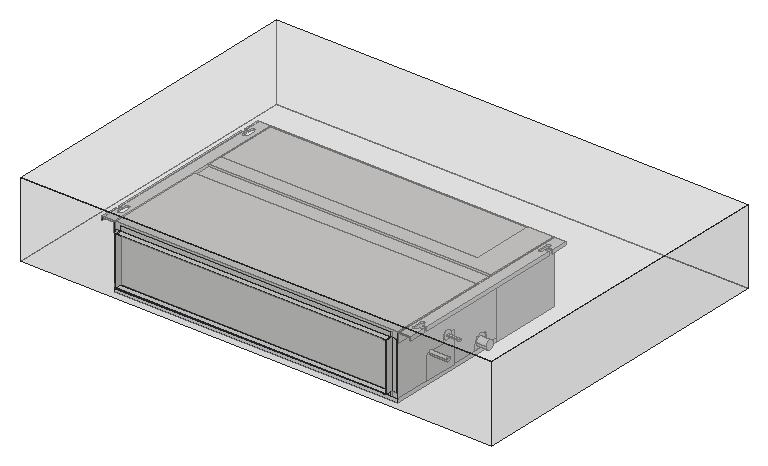
Revit family "outputfile", category 機械設備, Revit 2024
Family settings
  丸型コネクタ寸法 = 半径を使用
  パーツ タイプ = 標準
  OmniClass 番号 = 23.75.10.24.21.27.27
  OmniClass タイトル = Split System Air Conditioning Units
  作業面ベース = いいえ
  常に垂直 = はい
  ロード時にボイドで切り取り = いいえ
  注釈の向きを維持 = いいえ
  共有 = いいえ
  部屋計算ポイント = はい
Parameters (values of type "FXDQ50NDVET")
  Description = ""
  製造元 = "Daikin"
  書き出し IFC クラス(タイプ) = "IfcUnitaryEquipmentType"
  定義済み IFC タイプ(タイプ) = "AIRCONDITIONINGUNIT"
  Cost = 0
  モデル = "FXDQ50NDVET"
  Type Comments = ""
  Keynote = ""
  Type Image = (empty or 0)
  Assembly Code = ""
  w_pipe = 33.0 mm
  r_Liquid Pipe Size = Liquid Pipe Size / 2  # 3.2 mm
  r_Gas Pipe Size = Gas Pipe Size / 2  # 6.35 mm
  r_Drain Pipe Size = Drain Pipe Size / 2  # 10.0 mm
  lw_powersupply = 404.0 mm
  lw_ductflange2 = 820.0 mm
  lw_Width = 860.0 mm
  lh_suctionflange [instance] = if(Rear Connection_Return Air, 100.0 mm + [h***], 190.0 mm + [h***])  # 100.0 mm
  ld_suctionflange [instance] = if(Rear Connection_Return Air, 190.0 mm, 100.0 mm)  # 190.0 mm
  ld_powersupply = 60.0 mm
  angle_vertical_RA [instance] = if(Rear Connection_Return Air, 90.00°, 0.00°)  # 90.00°
  angle horizontal_RA [instance] = if(Rear Connection_Return Air, 180.00°, 270.00°)  # 180.00°
  Voltage_comment_60Hz = "220"
  Voltage_comment_50Hz = "220-240"
  Voltage_60Hz = 220 V
  Voltage_50Hz = 220 V
  URL = ""
  Supply Air Direction [instance] = yes
  Sound Power Level_H speed (dB) = 58
  Rear Connection_Return Air [instance] = not(Bottom Connection_Return Air)  # yes
  RA_length = 190.0 mm  # constant formula
  Phase_60Hz = 1
  Phase_50Hz = 1
  Minimum External Static Pressure = 15.00 Pa
  Minimum Circuit Amps_60Hz = 1.3 A
  Minimum Circuit Amps_50Hz = 1.0 A
  Maximum Fuse Amps_60Hz = 16.0 A
  Maximum Fuse Amps_50Hz = 16.0 A
  Maximum External Static Pressure = 44.00 Pa
  Material_Casing = DAIKIN_GalvanizedSteel_Casing_indoorunit
  lw_liquidpipe = 46.0 mm  # constant formula
  lw_gaspipe = 57.0 mm  # constant formula
  lw_mountinghole_pitch = 940.0 mm
  lw_mountinghole = 20.0 mm  # constant formula
  lw_drainpipe = 33.0 mm  # constant formula
  lh_powersupply = 10.0 mm
  lh_liquidpipe = 110.0 mm
  lh_gaspipe = 87.0 mm
  lh_mountinghole = Height + [h***]  # 200.0 mm
  lh_drainpipe = 150.0 mm
  lh_antena = 1.0 mm  # constant formula
  ld_liquidpipe = 193.0 mm  # constant formula
  ld_gaspipe = 130.0 mm  # constant formula
  ld_mountinghole_pitch = 0.0 mm  # constant formula
  ld_drainpipe = 280.0 mm
  ld_controlbox = 626.0 mm  # constant formula
  h*** = 0.0 mm  # constant formula
  d_dischargeflange = 21.2 mm  # constant formula
  Width = 900.0 mm
  Version = "ver.1.0"
  Unit Type = "Slim Duct (Standard) Type"
  Unit Mass Weight = 28.00 kg
  Unit Designation [instance] = ""
  Uniclass2015Version = "Products v1.30"
  Uniclass2015Title = "Variable refrigerant flow units"
  Uniclass2015Code = "Pr_70_65_03_94"
  Total Heating Capacity [instance] = 0.000 kW
  Total Cooling Capacity [instance] = 0.000 kW
  Sound Pressure Level_M speed (dBA) = 0
  Sound Pressure Level_L speed (dBA) = 27
  Sound Pressure Level_H speed (dBA) = 33
  Series = "VRV Fan Coil Unit"
  Sensible Cooling Capacity [instance] = 0.000 kW
  SA Duct Size Width = 860.0 mm
  SA Duct Size Height = 153.0 mm
  Refrigerant Type = "R410A"
  RA Duct Size Width = 800.0 mm
  RA Duct Size Height = 180.0 mm
  Power Input (Heating) = 0.152 kW
  Power Input (Cooling) = 0.152 kW
  Option Accessory 3 [instance] = ""
  Option Accessory 2 [instance] = ""
  Option Accessory 1 [instance] = ""
  Nominal Heating Capacity = 6.300 kW
  Nominal Cooling Capacity = 5.600 kW
  Minimum Airflow = 600.00 m³/h
  Median Airflow = 660.00 m³/h
  Maximum Airflow = 750.00 m³/h
  Load Classification = HVAC
  Liquid Pipe Size = 6.4 mm
  Link_Nested Family [instance] = ""
  IfcVersion = "0"
  IfcExportType = "AIRCONDITIONINGUNIT"
  IfcExportAs = "IfcUnitaryEquipmentType"
  Height = 200.0 mm
  Heating Entering Wet Bulb Temperature [instance] = 0.00 °C
  Heating Entering Dry Bulb Temperature [instance] = 0.00 °C
  Heating Ambient Wet Bulb Temperature [instance] = 0.00 °C
  Heating Ambient Dry Bulb Temperature [instance] = 0.00 °C
  Heat Exchanger Type = "Cross Fin Coil"
  Gas Pipe Size = 12.7 mm
  Frequency_60Hz = 60 Hz
  Frequency_50Hz = 50 Hz
  Fan Type = "Sirocco Fan"
  Fan Drive = "Direct Drive"
  FCU Tag No. [instance] = ""
  Drain Pipe Size = 20.0 mm
  Design Supply Airflow [instance] = 0.00 m³/h
  Design Return Airflow [instance] = 0.00 m³/h
  Design External Static Pressure [instance] = 0.00 Pa
  Depth = 620.0 mm
  既定の高さ = 0.0 mm
  Cooling Entering Wet Bulb Temperature [instance] = 0.00 °C
  Cooling Entering Dry Bulb Temperature [instance] = 0.00 °C
  Cooling Ambient Wet Bulb Temperature [instance] = 0.00 °C
  Cooling Ambient Dry Bulb Temperature [instance] = 0.00 °C
  Clearance visibility [instance] = yes
  Clearance Top = 20.0 mm
  Clearance Right = 300.0 mm
  Clearance Rear = 400.0 mm
  Clearance Left = 300.0 mm
  Clearance Front = 0.0 mm
  Clearance Bottom = 20.0 mm
  Bottom Connection_Return Air [instance] = no
Reference planes
  plane 1 "Center (Front/Back)": y = 0
  plane 2: z = 0
  plane 3 "Center (Left/Right)": x = 0
  plane 4 "Back": y = 310
  plane 5 "Front": y = -310
  plane 6 "Left": x = -450
  plane 7 "Right": x = 450
  plane 8 "Top": z = 0
  plane 9 "Bottom": z = -200
  plane 10: x = 330
  plane 11: x = -330
  plane 12: z = -190
  plane 13: z = -6
  plane 14: z = -22
  plane 15: z = -90
  plane 16: z = -113
  plane 17: x = -304
  plane 18: x = 304
  plane 19: x = -470
  plane 20: x = 470
  plane 21: y = 250
  plane 22: y = 250
  plane 23: x = -490
  plane 24: x = 390
  plane 25: x = 496
  plane 26: x = 507
  plane 27: x = 483
  plane 28: z = 0
  plane 29: z = -50
  plane 30 "Clearance Left": x = -750
  plane 31 "Clearance Right": x = 750
  plane 32 "Clearance Rear": y = 710
  plane 33 "Clearance Front": y = -310
  plane 34 "Clearance Top": z = 20
  plane 35 "Clearance Bottom": z = -220
  plane 36: z = -21
  plane 37: z = -170
  plane 38: z = -96.5
  plane 39: x = -40
  plane 40: y = -180
  plane 41: y = -117
  plane 42: y = -30
  plane 43: y = 20
  plane 44: z = -97.5
  plane 45: y = -309
  plane 46: x = -449
  plane 47: z = -100
  plane 48: z = -30
  plane 49: y = 210
  plane 50: z = 301
  plane 51: z = -199
  plane 52: y = 120
  plane 53: z = -101
  plane 54: x = 480
  plane 55: x = 445
  plane 56: x = 455
  plane 57: x = 451
  plane 58: x = 369
  plane 59: x = 449.004
  plane 60: x = -449
  plane 61: x = 404
  plane 62: z = -189
  plane 63: z = 102.5
Forms (mm)
  Extrusion 1, solid
    sketch origin (0, 0, 0) x (1, 0, 0) y (0, 0, 1)
      loop
        line (-450, -190) -> (-450, -200) -> (450, -200) -> (450, -190) -> (-450, -190)
    from -84 to 310
  Extrusion 2, solid, material "DAIKIN_GalvanizedSteel_Casing_indoorunit" <- "Material_Casing"
    sketch origin (0, 0, 0) x (1, 0, 0) y (0, 1, 0)
      loop
        line (-450, -309) -> (450, -309) -> (450, 310) -> (-450, 310) -> (-450, -309)
    from -200 to 0
  Extrusion 3, void
    sketch origin (0, 0, 1) x (1, 0, 0) y (0, 1, 0)
      loop
        line (-450, 62.179) -> (-450, 4.179) -> (450, 4.179) -> (450, 62.179) -> (-450, 62.179)
    from -1 to -7
  Extrusion 4, void
    sketch origin (0, 0, 0) x (0, 1, 0) y (0, 0, 1)
      loop
        line (-5, -190) -> (45, -190) -> (45, -170)
        arc (45, -170) -> (20, -145) -> (-5, -170) r 25
        line (-5, -170) -> (-5, -190)
    from 450 to 445
  Revolve 5, solid, material "DAIKIN_GalvanizedSteel_Casing_indoorunit" <- "Material_Casing"
    sketch origin (0, 0, -113) x (0, -1, 0) y (1, 0, 0)
      loop
        line (173.65, 451) -> (180, 451) -> (180, 507) -> (173.65, 507) -> (173.65, 451)
      axis (180, 451) -> (180, 507)
    angle from 0 to 360
  Revolve 6, solid, material "DAIKIN_GalvanizedSteel_Casing_indoorunit" <- "Material_Casing"
    sketch origin (0, 0, -90) x (0, -1, 0) y (1, 0, 0)
      loop
        line (117, 451) -> (117, 496) -> (113.8, 496) -> (113.8, 451) -> (117, 451)
      axis (117, 496) -> (117, 451)
    angle from 0 to 360
  Extrusion 7, solid, material "DAIKIN_GalvanizedSteel_Casing_indoorunit" <- "Material_Casing"
    sketch origin (0, 0, 0) x (0, 1, 0) y (0, 0, 1)
      loop
        circle (-116, -90) r 12.7
    from 450 to 455
  Extrusion 8, solid, material "DAIKIN_GalvanizedSteel_Casing_indoorunit" <- "Material_Casing"
    sketch origin (0, 0, 0) x (0, 1, 0) y (0, 0, 1)
      loop
        circle (20, -170) r 13
    from 480 to 445
  Extrusion 9, solid, material "DAIKIN_GalvanizedSteel_Casing_indoorunit" <- "Material_Casing"
    sketch origin (0, 0, 0) x (1, 0, 0) y (0, 0, 1)
      loop
        line (-450, -190) -> (-450, -200) -> (450, -200) -> (450, -190) -> (-450, -190)
    from -84 to 310
  Extrusion 10, solid, material "DAIKIN_GalvanizedSteel_Casing_indoorunit" <- "Material_Casing", visible <- "Bottom Connection_Return Air"
    sketch origin (0, 0, 0) x (1, 0, 0) y (0, 0, 1)
      loop
        line (369, -200) -> (369, -1) -> (-449, -1) -> (-449, -200) -> (369, -200)
    from -310 to -309
  Extrusion 11, void
    sketch origin (0, 0, 0) x (1, 0, 0) y (0, 0, 1)
      loop
        line (369, 0) -> (-449, 0) -> (-449, -1) -> (369, -1) -> (369, 0)
    from -310 to -111
  Extrusion 12, solid, material "DAIKIN_GalvanizedSteel_Casing_indoorunit" <- "Material_Casing", visible <- "Rear Connection_Return Air"
    sketch origin (0, 0, 0) x (1, 0, 0) y (0, 1, 0)
      loop
        line (-449, 310) -> (-449, 111) -> (369, 111) -> (369, 310) -> (-449, 310)
    from -200 to -199
  Extrusion 13, solid, material "DAIKIN_GalvanizedSteel_Casing_indoorunit" <- "Material_Casing"
    sketch origin (0, 0, 0) x (0, 1, 0) y (0, 0, 1)
      loop
        line (-194, -113) -> (-194, -190) -> (-88.3, -190) -> (-88.3, -90) -> (-103.3, -90)
        arc (-103.3, -90) -> (-116, -102.7) -> (-128.7, -90) r 12.7
        line (-128.7, -90) -> (-128.7, -113) -> (-173.65, -113)
        arc (-173.65, -113) -> (-180, -119.35) -> (-186.35, -113) r 6.35
        line (-186.35, -113) -> (-194, -113)
    from 451 to 450
  Extrusion 14, solid, material "DAIKIN_GalvanizedSteel_Casing_indoorunit" <- "Material_Casing"
    sketch origin (0, 0, 0) x (0, 1, 0) y (0, 0, 1)
      loop
        line (84, -199) -> (310, -199) -> (310, -22) -> (91, -22) -> (84, -29) -> (84, -199)
    from 451 to 450
Cuts and joins
  Extrusion 3, Extrusion 4, Extrusion 11 cuts Extrusion 2
  Extrusion 4 cuts Extrusion 1
  Extrusion 11 cuts Extrusion 9
Dimensions and locks
  "lh_powersupply": plane 12 to plane 9 "Bottom"
  locked: plane 8 "Top" to plane 13 at 6
  "Height": plane 8 "Top" to plane 9 "Bottom"
  equal spacing: plane 17, plane 3 "Center (Left/Right)", plane 18, locked at 304 each
  locked: plane 17 to plane 18 at 608
  equal spacing: plane 19, plane 3 "Center (Left/Right)", plane 20
  "lw_mountinghole_pitch": plane 19 to plane 20
  locked: plane 14 to plane 9 "Bottom" at 178
  "lw_mountinghole": plane 23 to plane 19
  "lh_liquidpipe": plane 15 to plane 9 "Bottom"
  "lh_gaspipe": plane 16 to plane 9 "Bottom"
  "lh_mountinghole": plane 28 to plane 9 "Bottom"
  "ld_mountinghole_pitch": plane 22 to plane 21
  equal spacing: plane 6 "Left", plane 3 "Center (Left/Right)", plane 7 "Right"
  "Width": plane 6 "Left" to plane 7 "Right"
  "lh_drainpipe": plane 29 to plane 9 "Bottom"
  "Clearance Right": plane 7 "Right" to plane 31 "Clearance Right"
  "Clearance Left": plane 30 "Clearance Left" to plane 6 "Left"
  "lw_gaspipe": plane 7 "Right" to plane 26
  "lw_liquidpipe": plane 7 "Right" to plane 25
  "lw_drainpipe": plane 7 "Right" to plane 27
  "Clearance Rear": plane 32 "Clearance Rear" to plane 4 "Back"
  "Clearance Front": plane 5 "Front" to plane 33 "Clearance Front"
  "Clearance Top": plane 34 "Clearance Top" to plane 8 "Top"
  "Clearance Bottom": plane 9 "Bottom" to plane 35 "Clearance Bottom"
  "ld_powersupply": plane 4 "Back" to plane 22
  locked: plane 8 "Top" to plane 36 at 21
  locked: plane 8 "Top" to plane 37 at 170
  locked: plane 40 to plane 41 at 63
  locked: plane 38 to plane 9 "Bottom" at 103.5
  locked: plane 36 to plane 44 at 76.5
  "Depth": plane 4 "Back" to plane 5 "Front"
  equal spacing: plane 4 "Back", plane 1 "Center (Front/Back)", plane 5 "Front"
  locked: plane 45 to plane 5 "Front" at 1
  locked: plane 46 to plane 6 "Left" at 1
  Extrusion 10 sketch curve to Extrusion 10 sketch curve = 199.0 mm
  locked: plane 12 to plane 47 at 90
  plane 32 "Clearance Rear" to Extrusion 10 = 401.0 mm
  locked: plane 48 to plane 35 "Clearance Bottom" at 190
  plane 50 to plane 28 = 301.0 mm
  locked: plane 51 to plane 9 "Bottom" at 1
  "ld_suctionflange": plane 4 "Back" to plane 52
  locked: plane 53 to plane 9 "Bottom" at 99
  locked: plane 7 "Right" to plane 54 at 30
  locked: plane 55 to plane 7 "Right" at 5
  locked: plane 7 "Right" to plane 56 at 5
  locked: plane 7 "Right" to plane 57 at 1
  plane 7 "Right" to plane 58 = 81.0 mm
  locked: plane 7 "Right" to plane 59 at 0.996
  locked: plane 60 to plane 6 "Left" at 1
  "lw_powersupply": plane 3 "Center (Left/Right)" to plane 61
  "r_Gas Pipe Size": nested 6 to Revolve 5 sketch curve
  "r_Liquid Pipe Size": nested 5 to Revolve 6 sketch curve
  locked: plane 62 to plane 9 "Bottom" at 11
  aligned and locked: level to plane 2
  aligned and locked: Extrusion 2 to plane 9 "Bottom"
  aligned and locked: plane 8 "Top" to Extrusion 2
  aligned and locked: Revolve 5 sketch curve to Revolve 5 sketch curve
  aligned and locked: plane 15 to Extrusion 7 sketch curve
  aligned and locked: cut or joined group of Extrusion 1, Extrusion 4 to plane 9 "Bottom"
  aligned and locked: plane 25 to nested 5
  aligned and locked: nested 5 to plane 15
  aligned and locked: nested 1 to plane 22
  aligned and locked: plane 20 to nested 2
  aligned and locked: plane 19 to nested 3
  aligned and locked: plane 22 to nested 4
  aligned and locked: nested 4 to plane 22
  aligned and locked: plane 19 to nested 4
  aligned and locked: nested 10 to plane 12
  aligned and locked: Extrusion 9 to plane 5 "Front"
  aligned and locked: Extrusion 9 to plane 9 "Bottom"
  aligned and locked: nested 6 to plane 16
  aligned and locked: plane 40 to nested 6
  aligned and locked: plane 41 to nested 5
  aligned and locked: Extrusion 8 sketch curve to plane 43
  aligned and locked: plane 4 "Back" to Extrusion 11
  aligned and locked: plane 8 "Top" to Extrusion 3
  aligned and locked: Extrusion 10 to cut or joined group of Extrusion 2, Extrusion 3, Extrusion 4, Extrusion 11
  aligned and locked: plane 9 "Bottom" to Extrusion 12  (x2)
  aligned and locked: Extrusion 12 to plane 51
  aligned and locked: Extrusion 11 to level
  aligned and locked: plane 32 "Clearance Rear" to nested 13
  aligned and locked: plane 31 "Clearance Right" to nested 13
  aligned and locked: plane 30 "Clearance Left" to nested 13
  aligned and locked: nested 13 to plane 33 "Clearance Front"
  aligned and locked: nested 13 to plane 34 "Clearance Top"
  aligned and locked: nested 13 to plane 35 "Clearance Bottom"
  aligned and locked: plane 7 "Right" to Extrusion 13  (x2)
  aligned and locked: plane 4 "Back" to Extrusion 14
  aligned and locked: Extrusion 14 to plane 51
  aligned and locked: plane 7 "Right" to Extrusion 14  (x2)
  aligned and locked: Extrusion 13 to Revolve 5 sketch curve
  aligned and locked: Extrusion 3 to plane 13
  aligned and locked: plane 52 to nested 14
  aligned and locked: Extrusion 7 to plane 7 "Right"
  aligned and locked: plane 7 "Right" to cut or joined group of Extrusion 2, Extrusion 3, Extrusion 4, Extrusion 11  (x3)
  aligned and locked: cut or joined group of Extrusion 2, Extrusion 3, Extrusion 4, Extrusion 11 to plane 55
  aligned and locked: Extrusion 8 to plane 55
  aligned and locked: plane 54 to Extrusion 8
  aligned and locked: plane 56 to Extrusion 7
  aligned and locked: plane 57 to Extrusion 14
  aligned and locked: Extrusion 13 to plane 57
  aligned and locked: plane 26 to nested 6
  aligned and locked: plane 58 to Extrusion 11 sketch curve
  aligned and locked: Extrusion 10 sketch curve to plane 58
  aligned and locked: plane 3 "Center (Left/Right)" to nested 15
  aligned and locked: Extrusion 12 to plane 58
  aligned and locked: plane 6 "Left" to nested 11
  aligned and locked: plane 8 "Top" to nested 15
  aligned and locked: plane 4 "Back" to nested 15
  aligned and locked: cut or joined group of Extrusion 2, Extrusion 3, Extrusion 4, Extrusion 11 to plane 45
  aligned and locked: nested 10 to plane 61
  aligned and locked: plane 20 to nested 1
  aligned and locked: plane 43 to nested 7
  aligned and locked: nested 7 to plane 37
  aligned and locked: plane 54 to nested 7
  aligned and locked: nested 9 to plane 1 "Center (Front/Back)"
  aligned and locked: plane 3 "Center (Left/Right)" to nested 9
  aligned and locked: nested 16 to plane 62
  aligned and locked: plane 13 to nested 16
  aligned and locked: nested 11 to plane 51
  aligned and locked: nested 12 to plane 51
  aligned and locked: plane 44 to nested 8
  aligned and locked: plane 45 to nested 16
  aligned and locked: level to plane 8 "Top"
Automatic sketch dimensions
  Extrusion 1 sketch curve to plane 6 "Left" = 0.0 mm
  Extrusion 1 sketch curve to plane 7 "Right" = 0.0 mm
  Extrusion 1 sketch curve to plane 9 "Bottom" = 0.0 mm
  Extrusion 1 sketch curve to plane 12 = 0.0 mm
  Extrusion 2 sketch curve to plane 4 "Back" = 0.0 mm
  Extrusion 2 sketch curve to plane 6 "Left" = 0.0 mm
  Extrusion 2 sketch curve to plane 7 "Right" = 0.0 mm
  Extrusion 2 sketch curve to plane 45 = 0.0 mm
  Extrusion 3 sketch curve to plane 6 "Left" = 0.0 mm
  Extrusion 3 sketch curve to plane 7 "Right" = 0.0 mm
  Extrusion 3 sketch curve to plane 1 "Center (Front/Back)" = 4.179 mm
  plane 43 to Extrusion 3 sketch curve = 42.179 mm
  Extrusion 4 sketch curve to plane 37 = 0.0 mm
  Extrusion 4 sketch curve to plane 12 = 0.0 mm
  Extrusion 4 sketch curve to plane 43 = 0.0 mm
  plane 1 "Center (Front/Back)" to Extrusion 4 sketch curve = 5.0 mm
  plane 41 to Extrusion 7 sketch curve = 1.0 mm
  Extrusion 8 sketch curve to plane 37 = 0.0 mm
  Extrusion 9 sketch curve to plane 6 "Left" = 0.0 mm
  Extrusion 9 sketch curve to plane 7 "Right" = 0.0 mm
  Extrusion 9 sketch curve to plane 9 "Bottom" = 0.0 mm
  Extrusion 9 sketch curve to plane 12 = 0.0 mm
  plane 46 to Extrusion 10 sketch curve = 0.0 mm
  plane 46 to Extrusion 11 sketch curve = 0.0 mm
  Extrusion 11 sketch curve to plane 8 "Top" = 1.0 mm
  Extrusion 12 sketch curve to plane 46 = 0.0 mm
  Extrusion 12 sketch curve to plane 4 "Back" = 0.0 mm
  plane 18 to Extrusion 12 sketch curve = 65.0 mm
  plane 43 to Extrusion 12 sketch curve = 91.0 mm
  plane 35 "Clearance Bottom" to Extrusion 11 sketch curve = 220.0 mm
  Extrusion 10 sketch curve to plane 51 = 1.0 mm
  Extrusion 13 sketch curve to plane 12 = 0.0 mm
  Extrusion 13 sketch curve to plane 16 = 0.0 mm
  Extrusion 13 sketch curve to plane 40 = 0.0 mm
  Extrusion 13 sketch curve to plane 15 = 0.0 mm
  Extrusion 13 sketch curve to Extrusion 13 sketch curve = 6.35 mm
  Extrusion 13 sketch curve to Extrusion 13 sketch curve = 7.65 mm
  Extrusion 13 sketch curve to plane 41 = 11.7 mm
  plane 41 to Extrusion 13 sketch curve = 1.0 mm
  Extrusion 13 sketch curve to Extrusion 13 sketch curve = 27.7 mm
  Extrusion 14 sketch curve to plane 51 = 0.0 mm
  Extrusion 14 sketch curve to plane 14 = 0.0 mm
  plane 48 to Extrusion 14 sketch curve = 1.0 mm
  plane 43 to Extrusion 14 sketch curve = 64.0 mm
  Extrusion 14 sketch curve to Extrusion 14 sketch curve = 7.0 mm
  Extrusion 14 sketch curve to plane 4 "Back" = 0.0 mm
  Revolve 5 sketch curve to plane 26 = 0.0 mm
  Revolve 5 sketch curve to plane 40 = 0.0 mm
  Revolve 5 sketch curve to Revolve 5 sketch curve = 1.003 mm
  plane 26 to Revolve 5 sketch curve = 1.003 mm
  Revolve 6 sketch curve to plane 41 = 0.0 mm  (x2)
  Revolve 6 sketch curve to plane 25 = 0.0 mm  (x2)
  Revolve 6 sketch curve to plane 57 = 0.0 mm  (x2)
  radius of Extrusion 7 sketch curve = 12.7 mm
  radius of Extrusion 8 sketch curve = 13.0 mm
Nested families
  nested 1: "daikin_mountinghole" at (470, 250, -200), l_antenna <- "lh_antena", Link_Nested Family <- "Link_Nested Family", h_mountinghole <- "lh_mountinghole", type "daikin_mountinghole"
    with show yes, l_antenna 1.0 mm, h_mountinghole 200.0 mm, Link_Nested Family ""
  nested 2: "daikin_mountinghole" at (470, -250, -200), Link_Nested Family <- "Link_Nested Family", l_antenna <- "lh_antena", h_mountinghole <- "lh_mountinghole", type "daikin_mountinghole"
    with show yes, l_antenna 1.0 mm, h_mountinghole 200.0 mm, Link_Nested Family ""
  nested 3: "daikin_mountinghole" at (-470, -250, -200), l_antenna <- "lh_antena", Link_Nested Family <- "Link_Nested Family", h_mountinghole <- "lh_mountinghole", type "daikin_mountinghole"
    with show yes, l_antenna 1.0 mm, h_mountinghole 200.0 mm, Link_Nested Family ""
  nested 4: "daikin_mountinghole" at (-470, 250, -200), l_antenna <- "lh_antena", Link_Nested Family <- "Link_Nested Family", h_mountinghole <- "lh_mountinghole", type "daikin_mountinghole"
    with show yes, l_antenna 1.0 mm, h_mountinghole 200.0 mm, Link_Nested Family ""
  nested 5: "daikin_connector_rotate2" at (450, -117, -90) x (0, 1, 0) z (0, 0, 1), length <- "lw_liquidpipe", built-in parameter 1001364 <- "lh_liquidpipe", radius <- "r_Liquid Pipe Size", type "daikin_connector_rotate2"
    with radius 3.2 mm, length 46.0 mm, angle_vertical 90.00°, show_face no
  nested 6: "daikin_connector_rotate2" at (450, -180, -113) x (0, 1, 0) z (0, 0, 1), length <- "lw_gaspipe", built-in parameter 1001364 <- "lh_gaspipe", radius <- "r_Gas Pipe Size", type "daikin_connector_rotate2"
    with radius 6.35 mm, length 57.0 mm, angle_vertical 90.00°, show_face no
  nested 7: "daikin_connector_rotate2" at (447, 20, -170) x (0, 1, 0) z (0, 0, 1), built-in parameter 1001364 <- "lh_drainpipe", length <- "lw_drainpipe", radius <- "r_Drain Pipe Size", type "daikin_connector_rotate2"
    with radius 10.0 mm, length 33.0 mm, angle_vertical 90.00°, show_face no
  nested 8: "daikin_connector_rotate2" at (0, -309, -97.5), length <- "d_dischargeflange", type "daikin_connector_rotate2"
    with radius 10.0 mm, length 21.2 mm, angle_vertical 90.00°, show_face no
  nested 9: "daikin_△_symbolicline" at (-75, -129.904, 200) x (-0.5, 0.866, 0) z (0, 0, 1), built-in parameter 1001364 <- "Height", visible <- "Supply Air Direction", type "daikin_△_symbolicline"
    with length 300.0 mm
  nested 10: "daikin_connector_rotate2" at (404, 250, -190) x (-1, 0, 0) z (0, 0, 1), built-in parameter 1001364 <- "lw_powersupply", length <- "ld_powersupply", type "daikin_connector_rotate2"
    with radius 10.0 mm, length 60.0 mm, angle_vertical 90.00°, show_face no
  nested 11: "daikin_ductflange_FXDQ-NDVET2" at (-40, 310, -100), visible <- "Rear Connection_Return Air", material <- "Material_Casing", width <- "lw_ductflange2", type "daikin_ductflange_FXDQ-NDVET2"
    with width 820.0 mm, material DAIKIN_GalvanizedSteel_Casing_indoorunit, height 180.0 mm, depth 21.2 mm
  nested 12: "daikin_ductflange_FXDQ-NDVET2" at (-40, 210, -200) x (1, 0, 0) z (0, 1, 0), visible <- "Bottom Connection_Return Air", material <- "Material_Casing", width <- "lw_ductflange2", type "daikin_ductflange_FXDQ-NDVET2"
    with width 820.0 mm, material DAIKIN_GalvanizedSteel_Casing_indoorunit, height 180.0 mm, depth 21.2 mm
  nested 13: "daikin_clearancespace" at (0, 200, -99.881), visible <- "Clearance visibility", show <- "Clearance visibility", Link_Nested Family <- "Link_Nested Family", type "daikin_clearancespace"
    with width 1500.0 mm, show yes, height 240.0 mm, depth 1020.0 mm, Link_Nested Family ""
  nested 14: "daikin_connector_rotate3" at (-40, 120, -100), built-in parameter 1001364 <- "lh_suctionflange", angle_vertical <- "angle_vertical_RA", angle_horizontal <- "angle horizontal_RA", length <- "RA_length", type "daikin_connector_rotate3"
    with show no, radius 10.0 mm, length 190.0 mm, angle_vertical 90.00°, angle_horizontal 180.00°
  nested 15: "daikin_hangerfixture_FXDQ-NDVET" at (0, 0.5, 0), type "daikin_hangerfixture_FXDQ-NDVET"
  nested 16: "daikin_ductflange_FXDQ-NDVET" at (0, 4.5, -364.201), width <- "lw_Width", material <- "Material_Casing", type "daikin_ductflange_FXDQ-NDVET"
    with width 860.0 mm, material DAIKIN_GalvanizedSteel_Casing_indoorunit, height 155.0 mm, depth 21.2 mm
Connectors
  piping at (507, -180, -113), diameter 12.7, driven by "r_Gas Pipe Size"
    settings: on nested 6, index 1, connector inside diameter 609.6 mm, connector length 0.0 mm, flow factor 0, pipe flow 0.00 m³/h, pressure drop 0.0 Pa, fitting loss kfactor 0, connector angle 0.00°, fixture units 0, engagement length 0.0 mm, angle of deflection 0.00°, flow configuration 1, flow direction 2, fitting loss method 0, system type 29, joint type 0, gender type 0, connector reference index -1, connector utility 0, adjustable connector no, is connector primary yes, connector description "Refrigerant Gas Piping"
  piping at (496, -117, -90), diameter 6.4, driven by "r_Liquid Pipe Size"
    settings: on nested 5, index 2, connector inside diameter 609.6 mm, connector length 0.0 mm, flow factor 0, pipe flow 0.00 m³/h, pressure drop 0.0 Pa, fitting loss kfactor 0, connector angle 0.00°, fixture units 0, engagement length 0.0 mm, angle of deflection 0.00°, flow configuration 1, flow direction 1, fitting loss method 0, system type 29, joint type 0, gender type 0, connector reference index -1, connector utility 0, adjustable connector no, is connector primary no, connector description "Refrigerant Liquid Piping"
  piping at (480, 20, -170), diameter 20, driven by "r_Drain Pipe Size"
    settings: on nested 7, index 3, connector inside diameter 609.6 mm, connector length 0.0 mm, flow factor 0, pipe flow 0.00 m³/h, pressure drop 0.0 Pa, fitting loss kfactor 0, connector angle 0.00°, fixture units 0, engagement length 0.0 mm, angle of deflection 0.00°, flow configuration 1, flow direction 2, fitting loss method 4, system type 16, joint type 0, gender type 0, connector reference index -1, connector utility 0, adjustable connector no, is connector primary no, connector description "Condensate Drain Piping"
  hvac at (0, -330.2, -97.5), driven by "SA Duct Size Height", driven by "SA Duct Size Width"
    settings: on nested 8, index 7, duct flow 0.00 m³/h, flow factor 0, pres drop 0.00 Pa, loss coef 0, conn angle 0.00°, conn width 860.0 mm, conn height 153.0 mm, conn diameter 609.6 mm, duct sys type 1, conn prof type 1, flow config 0, flow direction 2, loss method 4, conn ref index -1, conn util no, is conn primary yes, conn desc "SA Duct"
  electrical at (404, 310, -190), driven by "Load Classification"
    settings: on nested 10, index 9, voltage 0 V, apparent load 0 VA, apparent load phase1 0 VA, apparent load phase2 0 VA, apparent load phase3 0 VA, power factor 1, load classification "HVAC", number of poles 1, system type 30, power factor state 1, is connector primary yes, connector utility no, sub classification motor no, connector description "Power Supply"
  hvac at (-40, 310, -100), driven by "RA Duct Size Height", driven by "RA Duct Size Width"
    settings: on nested 14, index 10, duct flow 0.00 m³/h, flow factor 0, pres drop 0.00 Pa, loss coef 0, conn angle 0.00°, conn width 800.0 mm, conn height 180.0 mm, conn diameter 609.6 mm, duct sys type 2, conn prof type 1, flow config 0, flow direction 1, loss method 4, conn ref index -1, conn util no, is conn primary no, conn desc "RA Duct"
Definition of nested family "daikin_ductflange_FXDQ-NDVET2"
  Parameters (values of type "daikin_ductflange_FXDQ-PDVE2")
    width [instance] = 620.0 mm
    material [instance] = none
    height [instance] = 180.0 mm
    depth [instance] = 21.2 mm
    Default Elevation = 0.0 mm
  Reference planes
    plane 1 "Center (Front/Back)": y = 0
    plane 2: z = 0
    plane 3 "Center (Left/Right)": x = 0
    plane 4: y = -313.5
    plane 5: y = -334.7
    plane 6: x = -310
    plane 7: x = 310
    plane 8: z = 90
    plane 9: z = -90
    plane 10: z = 100
    plane 11: z = -100
    plane 12: x = -309
    plane 13: x = 309
  Forms (mm)
    Extrusion 1, solid, material <- "material"
      sketch origin (0, 0, 0) x (1, 0, 0) y (0, 0, 1)
        loop
          line (-300, 90) -> (-300, -90) -> (300, -90) -> (300, 90) -> (-300, 90)
        loop
          line (-309, -99) -> (309, -99) -> (309, 99) -> (-309, 99) -> (-309, -99)
      from 0 to 1
  Dimensions and locks
    plane 4 to plane 1 "Center (Front/Back)" = 313.5 mm
    "depth": plane 5 to plane 4
    equal spacing: plane 7, plane 3 "Center (Left/Right)", plane 6, locked at 310 each
    "width": plane 7 to plane 6
    equal spacing: plane 8, level, plane 9, locked at 90 each
    "height": plane 8 to plane 9
    equal spacing: plane 10, level, plane 11, locked at 100 each
    locked: plane 10 to plane 11 at 200
    plane 12 to plane 6 = 1.0 mm
    locked: plane 7 to plane 13 at 1
    locked: Extrusion 1 sketch curve to Extrusion 1 sketch curve at 9  (x4)
    locked: plane 10 to Extrusion 1 sketch curve at 1
    locked: Extrusion 1 sketch curve to plane 11 at 1
    aligned and locked: level to plane 2
  Automatic sketch dimensions
    plane 6 to Extrusion 1 sketch curve = 1.0 mm
    Extrusion 1 sketch curve to plane 7 = 1.0 mm
Definition of nested family "daikin_clearancespace"
  Parameters (values of type "daikin_clearancespace")
    width [instance] = 1823.963 mm
    show [instance] = yes
    material = none
    height [instance] = 1359.762 mm
    depth [instance] = 880.0 mm
    Default Elevation = 0.0 mm
    Link_Nested Family [instance] = ""
  Reference planes
    plane 1 "Center (Front/Back)": y = 0
    plane 2 "Center (Elevation)": z = -0.119
    plane 3 "Center (Left/Right)": x = 0
    plane 4: y = 440
    plane 5: y = -440
    plane 6 "Right": x = 911.982
    plane 7 "Left": x = -911.982
    plane 8 "Top": z = 679.762
    plane 9 "Bottom": z = -680
  Forms (mm)
    Extrusion 1, solid, material <- "material", visible <- "show"
      sketch origin (0, 0, 0) x (1, 0, 0) y (0, 1, 0)
        loop
          line (-911.982, 440) -> (-911.982, -440) -> (911.982, -440) -> (911.982, 440) -> (-911.982, 440)
      from -680 to 679.762
  Lines and regions (mm)
    symbolic lines, visible <- "show"
      curve 1: line (911.982, 440, 0) -> (-911.982, 440, 0)
      curve 2: line (-911.982, 440, 0) -> (-911.982, -440, 0)
      curve 3: line (-911.982, -440, 0) -> (911.982, -440, 0)
      curve 4: line (911.982, -440, 0) -> (911.982, 440, 0)
      curve 5: line (911.982, 0, 679.762) -> (-911.982, 0, 679.762)
      curve 6: line (911.982, 0, -680) -> (911.982, 0, 679.762)
      curve 7: line (-911.982, 0, -680) -> (911.982, 0, -680)
      curve 8: line (-911.982, 0, 679.762) -> (-911.982, 0, -680)
      curve 9: line (0, 440, 679.762) -> (0, -440, 679.762)
      curve 10: line (0, -440, 679.762) -> (0, -440, -680)
      curve 11: line (0, 440, -680) -> (0, 440, 679.762)
      curve 12: line (0, -440, -680) -> (0, 440, -680)
  Dimensions and locks
    "width": plane 7 "Left" to plane 6 "Right"
    "depth": plane 4 to plane 5
    "height": plane 8 "Top" to plane 9 "Bottom"
    equal spacing: plane 7 "Left", plane 3 "Center (Left/Right)", plane 6 "Right"
    equal spacing: plane 4, plane 1 "Center (Front/Back)", plane 5
    equal spacing: plane 8 "Top", plane 2 "Center (Elevation)", plane 9 "Bottom"
    aligned and locked: level to plane 2 "Center (Elevation)"
    aligned and locked: Extrusion 1 sketch curve to plane 4
    aligned and locked: plane 7 "Left" to Extrusion 1 sketch curve
    aligned and locked: Extrusion 1 sketch curve to plane 5
    aligned and locked: Extrusion 1 sketch curve to plane 6 "Right"
    aligned and locked: plane 8 "Top" to Extrusion 1
    aligned and locked: curve 1 to Extrusion 1
    aligned and locked: curve 2 to Extrusion 1
    aligned and locked: curve 3 to Extrusion 1
    aligned and locked: curve 4 to Extrusion 1
    aligned and locked: curve 5 to Extrusion 1
    aligned and locked: curve 6 to Extrusion 1
    aligned and locked: curve 7 to Extrusion 1
    aligned and locked: curve 8 to Extrusion 1
    aligned and locked: curve 9 to Extrusion 1
    aligned and locked: curve 10 to Extrusion 1
    aligned and locked: curve 11 to Extrusion 1
    aligned and locked: curve 12 to Extrusion 1
    aligned and locked: Extrusion 1 to plane 9 "Bottom"
Definition of nested family "daikin_hangerfixture_FXDQ-NDVET"
  Parameters (values of type "daikin_hangerfixture_FXDQ-PDVE")
    width = 900.0 mm
    material = none
    height = 30.0 mm
    depth = 619.0 mm
    Default Elevation = 0.0 mm
  Reference planes
    plane 1 "Center (Front/Back)": y = 0
    plane 2: z = 0
    plane 3 "Center (Left/Right)": x = 0
    plane 4: x = 450
    plane 5: y = 309.5
    plane 6: y = -309.5
    plane 7: x = -450
    plane 8: z = -30
  Forms (mm)
    Extrusion 1, solid, material <- "material"
      sketch origin (0, 0, 0) x (1, 0, 0) y (0, 0, 1)
        loop
          line (450, 0) -> (450, -30) -> (452.3, -30) -> (452.3, -2.3) -> (487.7, -2.3) -> (487.7, -10) -> (490, -10) -> (490, 0) -> (450, 0)
      from -309.5 to 309.5
    Extrusion 2, void
      sketch origin (0, 0, 0) x (0, 1, 0) y (0, 0, 1)
        loop
          line (309.5, -30) -> (309.5, -17.979) -> (87.935, -17.979) -> (75.914, -30) -> (309.5, -30)
      from 0 to 550
    Extrusion 3, void
      sketch origin (0, 0, 0) x (1, 0, 0) y (0, 1, 0)
        loop
          line (490, -244) -> (477, -244) -> (477, -237.5)
          arc (477, -237.5) -> (470, -230.5) -> (463, -237.5) r 7
          line (463, -237.5) -> (463, -263.5)
          arc (463, -263.5) -> (470, -270.5) -> (477, -263.5) r 7
          line (477, -263.5) -> (477, -257) -> (490, -257) -> (490, -244)
        loop
          line (490, 243) -> (490, 256) -> (477, 256) -> (477, 262.5)
          arc (477, 262.5) -> (470, 269.5) -> (463, 262.5) r 7
          line (463, 262.5) -> (463, 236.5)
          arc (463, 236.5) -> (470, 229.5) -> (477, 236.5) r 7
          line (477, 236.5) -> (477, 243) -> (490, 243)
      from -254.96 to 618
    Extrusion 4, solid, material <- "material"
      sketch origin (0, 0, 0) x (-1, 0, 0) y (0, 0, -1)
        loop
          line (450, 0) -> (490, 0) -> (490, 10) -> (487.7, 10) -> (487.7, 2.3) -> (452.3, 2.3) -> (452.3, 30) -> (450, 30) -> (450, 0)
      from -309.5 to 309.5
    Extrusion 5, void
      sketch origin (0, 0, 0) x (-1, 0, 0) y (0, -1, 0)
        loop
          line (490, 244) -> (490, 257) -> (477, 257) -> (477, 263.5)
          arc (477, 263.5) -> (470, 270.5) -> (463, 263.5) r 7
          line (463, 263.5) -> (463, 237.5)
          arc (463, 237.5) -> (470, 230.5) -> (477, 237.5) r 7
          line (477, 237.5) -> (477, 244) -> (490, 244)
        loop
          line (490, -243) -> (477, -243) -> (477, -236.5)
          arc (477, -236.5) -> (470, -229.5) -> (463, -236.5) r 7
          line (463, -236.5) -> (463, -262.5)
          arc (463, -262.5) -> (470, -269.5) -> (477, -262.5) r 7
          line (477, -262.5) -> (477, -256) -> (490, -256) -> (490, -243)
      from -254.96 to 618
  Cuts and joins
    Extrusion 2, Extrusion 3, Extrusion 5 cuts Extrusion 1
    Extrusion 5 cuts Extrusion 4
  Dimensions and locks
    equal spacing: plane 5, plane 1 "Center (Front/Back)", plane 6
    "depth": plane 5 to plane 6
    plane 6 to plane 1 "Center (Front/Back)" to plane 5 = 309.5 mm, 309.5 mm
    equal spacing: plane 4, plane 3 "Center (Left/Right)", plane 7
    "width": plane 4 to plane 7
    "height": level to plane 8
    locked: plane 4 to Extrusion 2 at 100
    aligned and locked: level to plane 2
    aligned and locked: plane 5 to Extrusion 1
    aligned and locked: Extrusion 1 to plane 6
    aligned and locked: Extrusion 1 to plane 4
    aligned and locked: plane 5 to cut or joined group of Extrusion 1, Extrusion 2, Extrusion 3, Extrusion 5
    aligned and locked: cut or joined group of Extrusion 1, Extrusion 2, Extrusion 3, Extrusion 5 to plane 6
    aligned and locked: level to cut or joined group of Extrusion 1, Extrusion 2, Extrusion 3, Extrusion 5
    aligned and locked: cut or joined group of Extrusion 1, Extrusion 2, Extrusion 3, Extrusion 5 to plane 8
    aligned and locked: plane 5 to cut or joined group of Extrusion 4, Extrusion 5
    aligned and locked: cut or joined group of Extrusion 4, Extrusion 5 to plane 6
  Automatic sketch dimensions
    Extrusion 1 sketch curve to plane 4 = 0.0 mm
    Extrusion 1 sketch curve to plane 8 = 0.0 mm
    Extrusion 1 sketch curve to level = 0.0 mm
    plane 4 to Extrusion 1 sketch curve = 2.3 mm
    Extrusion 1 sketch curve to level = 2.3 mm
    Extrusion 1 sketch curve to Extrusion 1 sketch curve = 35.4 mm
    Extrusion 1 sketch curve to Extrusion 1 sketch curve = 2.3 mm
    Extrusion 1 sketch curve to Extrusion 1 sketch curve = 7.7 mm
    Extrusion 2 sketch curve to plane 8 = 0.0 mm
    Extrusion 2 sketch curve to plane 5 = 0.0 mm
    plane 8 to Extrusion 2 sketch curve = 12.021 mm
    Extrusion 2 sketch curve to plane 1 "Center (Front/Back)" = 87.935 mm
    Extrusion 2 sketch curve to Extrusion 2 sketch curve = 12.021 mm
    plane 4 to Extrusion 3 sketch curve = 13.0 mm  (x2)
    Extrusion 3 sketch curve to Extrusion 3 sketch curve = 7.0 mm  (x4)
    Extrusion 3 sketch curve to Extrusion 3 sketch curve = 13.0 mm  (x4)
    plane 6 to Extrusion 3 sketch curve = 46.0 mm
    Extrusion 3 sketch curve to Extrusion 3 sketch curve = 6.5 mm  (x4)
    Extrusion 3 sketch curve to plane 5 = 73.0 mm
    Extrusion 4 sketch curve to plane 7 = 0.0 mm
    Extrusion 4 sketch curve to plane 8 = 0.0 mm
    Extrusion 4 sketch curve to level = 0.0 mm
    Extrusion 4 sketch curve to plane 7 = 2.3 mm
    Extrusion 4 sketch curve to level = 2.3 mm
    Extrusion 4 sketch curve to Extrusion 4 sketch curve = 35.4 mm
    Extrusion 4 sketch curve to Extrusion 4 sketch curve = 2.3 mm
    Extrusion 4 sketch curve to Extrusion 4 sketch curve = 7.7 mm
    Extrusion 5 sketch curve to plane 7 = 13.0 mm  (x2)
    Extrusion 5 sketch curve to Extrusion 5 sketch curve = 7.0 mm  (x4)
    Extrusion 5 sketch curve to Extrusion 5 sketch curve = 13.0 mm  (x4)
    Extrusion 5 sketch curve to plane 5 = 47.0 mm
    Extrusion 5 sketch curve to Extrusion 5 sketch curve = 6.5 mm  (x4)
    plane 6 to Extrusion 5 sketch curve = 72.0 mm
Definition of nested family "daikin_ductflange_FXDQ-NDVET"
  Parameters (values of type "daikin_ductflange_FXDQ-NDVET")
    width [instance] = 860.0 mm
    material [instance] = none
    height [instance] = 155.0 mm
    depth [instance] = 21.2 mm
    Default Elevation = 0.0 mm
  Reference planes
    plane 1 "Center (Front/Back)": y = 0
    plane 2: z = 189.201
    plane 3 "Center (Left/Right)": x = 0
    plane 4: y = -313.5
    plane 5: x = -430
    plane 6: x = 430
    plane 7: y = -334.7
    plane 8: z = 344.201
    plane 9: z = 266.701
    plane 10: z = 343.201
    plane 11: z = 190.201
  Forms (mm)
    Extrusion 1, solid, material <- "material"
      sketch origin (0, 0, 189.201) x (1, 0, 0) y (0, 1, 0)
        loop
          line (-430, -334.7) -> (-430, -313.5) -> (-448, -313.5) -> (-448, -314.5) -> (-431, -314.5) -> (-431, -334.7) -> (-430, -334.7)
        loop
          line (430, -334.7) -> (431, -334.7) -> (431, -314.5) -> (448, -314.5) -> (448, -313.5) -> (430, -313.5) -> (430, -334.7)
      from 1 to 154
    Extrusion 2, solid, material <- "material"
      sketch origin (0, 0, 0) x (0, 1, 0) y (0, 0, 1)
        loop
          line (-313.5, 343.201) -> (-313.5, 358.201) -> (-314.5, 358.201) -> (-314.5, 344.201) -> (-334.7, 344.201) -> (-334.7, 343.201) -> (-313.5, 343.201)
        loop
          line (-313.5, 190.201) -> (-334.7, 190.201) -> (-334.7, 189.201) -> (-314.5, 189.201) -> (-314.5, 175.201) -> (-313.5, 175.201) -> (-313.5, 190.201)
      from -430 to 430
  Dimensions and locks
    plane 4 to plane 1 "Center (Front/Back)" = 313.5 mm
    "depth": plane 7 to plane 4
    equal spacing: plane 8, plane 9, level
    "height": plane 8 to level
    equal spacing: plane 6, plane 3 "Center (Left/Right)", plane 5
    "width": plane 6 to plane 5
    plane 5 to plane 6 = 860.0 mm
    locked: plane 8 to plane 10 at 1
    locked: plane 11 to level at 1
    locked: Extrusion 1 to Extrusion 2 sketch curve at 1
    locked: Extrusion 2 sketch curve to Extrusion 1 at 1
    locked: Extrusion 1 sketch curve to Extrusion 1 sketch curve at 1
    locked: Extrusion 1 sketch curve to plane 5 at 18
    locked: Extrusion 1 to plane 5 at 18
    locked: plane 6 to Extrusion 1 at 18
    locked: plane 5 to Extrusion 1 at 18
    locked: Extrusion 1 to plane 6 at 18
    aligned and locked: level to plane 2
    aligned and locked: Extrusion 2 to plane 5
    aligned and locked: Extrusion 2 to plane 11
    aligned and locked: Extrusion 2 to plane 10
    aligned and locked: plane 6 to Extrusion 2
    aligned and locked: plane 5 to Extrusion 2  (x2)
    aligned and locked: plane 5 to Extrusion 1  (x2)
    aligned and locked: Extrusion 1 to plane 6
    aligned and locked: plane 6 to Extrusion 1
    aligned and locked: Extrusion 1 to plane 10
  Automatic sketch dimensions
    Extrusion 1 sketch curve to plane 4 = 0.0 mm  (x2)
    Extrusion 1 sketch curve to plane 7 = 0.0 mm  (x2)
    plane 5 to Extrusion 1 sketch curve = 0.0 mm
    Extrusion 1 sketch curve to plane 5 = 1.0 mm
    plane 6 to Extrusion 1 sketch curve = 1.0 mm
    Extrusion 2 sketch curve to plane 7 = 0.0 mm  (x2)
    Extrusion 2 sketch curve to plane 4 = 0.0 mm  (x2)
    Extrusion 2 sketch curve to plane 11 = 0.0 mm
    Extrusion 2 sketch curve to plane 10 = 0.0 mm
    Extrusion 2 sketch curve to plane 4 = 1.0 mm  (x2)
    Extrusion 2 sketch curve to level = 14.0 mm
    plane 8 to Extrusion 2 sketch curve = 14.0 mm
    Extrusion 1 sketch curve to Extrusion 1 sketch curve = 17.0 mm
    Extrusion 1 sketch curve to plane 4 = 1.0 mm
    Extrusion 1 sketch curve to plane 6 = 0.0 mm
Definition of nested family "daikin_mountinghole"
  Parameters (values of type "daikin_mountinghole")
    Default Elevation = 1219.2 mm
    Type Comments = "mountinghole"
    show [instance] = yes
    material = none
    l_centerline = 100.0 mm
    l_antenna [instance] = 100.0 mm
    h_mountinghole [instance] = 0.0 mm
    d_circle = 30.0 mm
    Link_Nested Family [instance] = ""
  Reference planes
    plane 1 "Center (Front/Back)": y = 0
    plane 2: z = 0
    plane 3 "Center (Left/Right)": x = 0
    plane 4: y = 50
    plane 5: x = -50
    plane 6: x = 50
    plane 7: y = -50
    plane 8 "h_mountinghole": z = 0
    plane 9: z = 100
  Lines and regions (mm)
    model lines, detail levels fine
      curve 1: circle (0, 0, 0) r 15 normal (0, 0, 1)
      curve 2: line (-50, 0, 0) -> (50, 0, 0)
      curve 3: line (0, 50, 0) -> (0, -50, 0)
    symbolic lines, detail levels fine
      curve 4: circle (0, 0, 0) r 15 normal (0, 0, 1)
      curve 5: line (-50, 0, 0) -> (50, 0, 0)
      curve 6: line (0, 50, 0) -> (0, -50, 0)
    model lines
      curve 7: line (0, 0, 100) -> (0, 0, 0)
  Dimensions and locks
    equal spacing: plane 4, plane 1 "Center (Front/Back)", plane 7
    "l_centerline": plane 4 to plane 7
    equal spacing: plane 5, plane 3 "Center (Left/Right)", plane 6
    "l_centerline": plane 5 to plane 6
    "l_antenna": plane 9 to plane 8 "h_mountinghole"
    "h_mountinghole": plane 8 "h_mountinghole" to plane 2
    "d_circle": diameter of curve 1
    "d_circle": diameter of curve 4
    aligned and locked: level to plane 2
    aligned and locked: plane 1 "Center (Front/Back)" to curve 1
    aligned and locked: plane 3 "Center (Left/Right)" to curve 1
    aligned and locked: plane 1 "Center (Front/Back)" to curve 2
    aligned and locked: curve 3 to plane 3 "Center (Left/Right)"
    aligned and locked: plane 6 to curve 2
    aligned and locked: plane 5 to curve 2
    aligned and locked: plane 4 to curve 3
    aligned and locked: plane 7 to curve 3
    aligned and locked: plane 1 "Center (Front/Back)" to curve 4
    aligned and locked: plane 3 "Center (Left/Right)" to curve 4
    aligned and locked: plane 6 to curve 5
    aligned and locked: plane 5 to curve 5
    aligned and locked: plane 1 "Center (Front/Back)" to curve 5
    aligned and locked: plane 4 to curve 6
    aligned and locked: plane 7 to curve 6
    aligned and locked: curve 6 to plane 3 "Center (Left/Right)"
    aligned and locked: curve 7 to plane 3 "Center (Left/Right)"
    aligned and locked: plane 9 to curve 7
    aligned and locked: plane 8 "h_mountinghole" to curve 7
Definition of nested family "daikin_connector_rotate2"
  Parameters (values of type "daikin_connector_rotate2")
    show_face = yes
    radius [instance] = 10.0 mm
    length [instance] = 600.0 mm
    d_surface = 10.0 mm
    angle_vertical [instance] = 90.00°
    Default Elevation = 0.0 mm
  Reference planes
    plane 1 "Center (Front/Back)": y = 0
    plane 2: z = 0
    plane 3 "Center (Left/Right)": x = 0
  Forms (mm)
    Extrusion 1, solid, visible <- "show_face"
      sketch origin (0, -600, 0) x (1, 0, 0) y (0, 0, 1)
        loop
          circle (0, 0) r 10
      from 0 to -10
  Lines and regions (mm)
    reference lines
      curve 1: line (0, 0, 0) -> (0, -600, 0)
    symbolic lines
      curve 2: circle (0, 0, 0) r 5 normal (0, 0, 1)
    model lines, visible <- "show_face"
      curve 3: line (0, 0, 0) -> (0, -600, 0)
  Dimensions and locks
    "length": curve 1 to curve 1
    "length": curve 3 to curve 3
    "d_surface": Extrusion 1 to Extrusion 1
    "radius": radius of Extrusion 1 sketch curve
    "angle_vertical": angle curve 1 to plane 1 "Center (Front/Back)"
    "angle_vertical": angle curve 3 to plane 1 "Center (Front/Back)"
    aligned and locked: level to plane 2
    aligned and locked: plane 1 "Center (Front/Back)" to curve 1
    aligned and locked: plane 2 to curve 1
    aligned and locked: plane 1 "Center (Front/Back)" to curve 2
    aligned and locked: plane 3 "Center (Left/Right)" to curve 2
    aligned and locked: plane 1 "Center (Front/Back)" to curve 3
    aligned and locked: plane 2 to curve 3
    aligned and locked: Extrusion 1 to Extrusion 1
  Automatic sketch dimensions
    Extrusion 1 sketch curve to level = 0.0 mm
    Extrusion 1 sketch curve to plane 3 "Center (Left/Right)" = 0.0 mm
    radius of curve 2 = 5.0 mm
Definition of nested family "daikin_△_symbolicline"
  Parameters (values of type "daikin_△_symbolicline")
    length [instance] = 500.0 mm
    Default Elevation = 0.0 mm
  Reference planes
    plane 1 "Center (Front/Back)": y = 0
    plane 2: z = 0
    plane 3 "Center (Left/Right)": x = 0
  Lines and regions (mm)
    symbolic lines
      curve 1: line (0, -433.013, 0) -> (250, 0, 0)
      curve 2: line (250, 0, 0) -> (-250, 0, 0)
      curve 3: line (-250, 0, 0) -> (0, -433.013, 0)
  Dimensions and locks
    equal spacing: curve 3, plane 3 "Center (Left/Right)", curve 2
    "length": curve 3 to curve 2
    "length": curve 3 to curve 3
    "length": curve 1 to curve 1
    aligned and locked: level to plane 2
    aligned and locked: curve 2 to plane 1 "Center (Front/Back)"
    aligned and locked: plane 3 "Center (Left/Right)" to curve 3
Definition of nested family "daikin_connector_rotate3"
  Parameters (values of type "daikin_connector_rotate3")
    Default Elevation = 1219.2 mm
    show [instance] = yes
    radius [instance] = 10.0 mm
    length [instance] = 600.0 mm
    angle_horizontal [instance] = 60.00°
    angle_vertical [instance] = 90.00°
  Reference planes
    plane 1 "Center (Front/Back)": y = 0
    plane 2: z = 0
    plane 3 "Center (Left/Right)": x = 0
  Dimensions and locks
    "angle_horizontal": angle plane 3 "Center (Left/Right)" to nested 1
    aligned and locked: level to plane 2
    aligned and locked: plane 1 "Center (Front/Back)" to nested 1  (x2)
    aligned and locked: plane 3 "Center (Left/Right)" to nested 1
  Nested families
    nested 1: "daikin_connector_rotate2" at (0, 0, 0) x (0.5, 0.866, 0) z (0, 0, 1), angle_vertical <- "angle_vertical", length <- "length", radius <- "radius", type "daikin_connector_rotate2"
      with radius 10.0 mm, length 600.0 mm, angle_vertical 90.00°
  Definition of nested family "daikin_connector_rotate2"
    Parameters (values of type "daikin_connector_rotate2")
      show_face = yes
      radius [instance] = 10.0 mm
      length [instance] = 600.0 mm
      d_surface = 10.0 mm
      angle_vertical [instance] = 90.00°
      Default Elevation = 0.0 mm
    Reference planes
      plane 1 "Center (Front/Back)": y = 0
      plane 2: z = 0
      plane 3 "Center (Left/Right)": x = 0
    Forms (mm)
      Extrusion 1, solid, visible <- "show_face"
        sketch origin (0, -600, 0) x (1, 0, 0) y (0, 0, 1)
          loop
            circle (0, 0) r 10
        from 0 to -10
    Lines and regions (mm)
      reference lines
        curve 1: line (0, 0, 0) -> (0, -600, 0)
      symbolic lines
        curve 2: circle (0, 0, 0) r 5 normal (0, 0, 1)
      model lines, visible <- "show_face"
        curve 3: line (0, 0, 0) -> (0, -600, 0)
    Dimensions and locks
      "length": curve 1 to curve 1
      "length": curve 3 to curve 3
      "d_surface": Extrusion 1 to Extrusion 1
      "radius": radius of Extrusion 1 sketch curve
      "angle_vertical": angle curve 1 to plane 1 "Center (Front/Back)"
      "angle_vertical": angle curve 3 to plane 1 "Center (Front/Back)"
      aligned and locked: level to plane 2
      aligned and locked: plane 1 "Center (Front/Back)" to curve 1
      aligned and locked: plane 2 to curve 1
      aligned and locked: plane 1 "Center (Front/Back)" to curve 2
      aligned and locked: plane 3 "Center (Left/Right)" to curve 2
      aligned and locked: plane 1 "Center (Front/Back)" to curve 3
      aligned and locked: plane 2 to curve 3
      aligned and locked: Extrusion 1 to Extrusion 1
    Automatic sketch dimensions
      Extrusion 1 sketch curve to level = 0.0 mm
      Extrusion 1 sketch curve to plane 3 "Center (Left/Right)" = 0.0 mm
      radius of curve 2 = 5.0 mm
